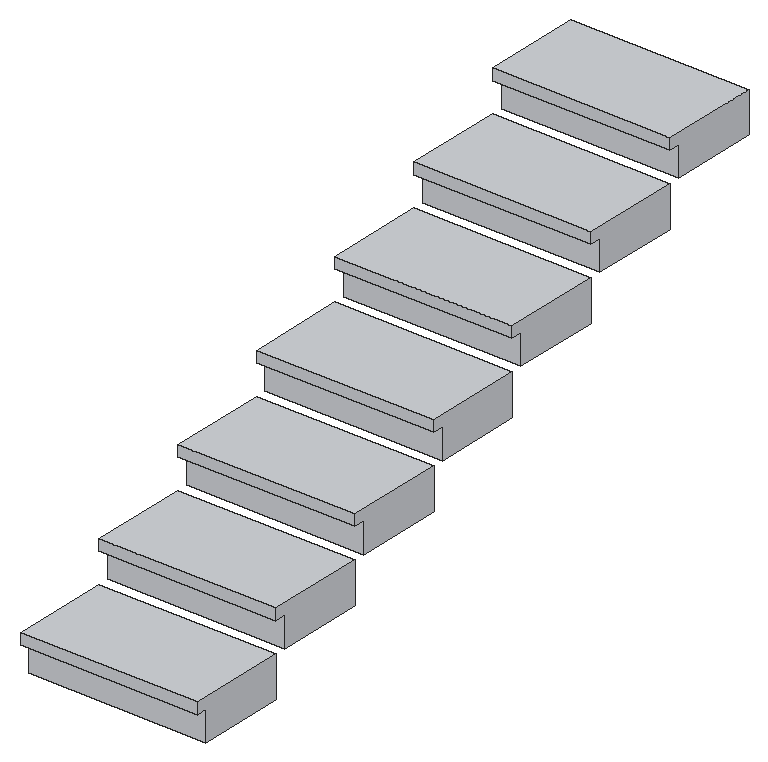
Revit family
Parameters
  xlam = none
  Pedata = 630 mm - Alzata  # 444.362 mm
  Numero = (Altezza interpiano / Alzata approssimata) - 1  # 7
  Lunghezza Coperta = Numero * Pedata  # 3110.537 mm
  Larghezza = 800 mm
  Bastone = 50 mm
  Alzata approssimata = 180 mm
  Alzata = Altezza interpiano / (Numero + 1)  # 185.637 mm
  Altezza interpiano = 1485.1 mm
  Altezza effettiva = Altezza interpiano - Alzata  # 1299.462 mm
Reference planes
  plane 1 "Center (Front/Back)": y = 0
  plane 2: z = 0
  plane 3 "Center (Left/Right)": x = 0
  plane 4: z = 1485.1
  plane 5: z = 1299.463
  plane 6: y = 3110.537
Dimensions and locks
  "Altezza interpiano": plane 4 to plane 2
  equal spacing: group 1, group 3, group 4, group 5, group 6, group 7, group 2  (x3)
  "Lunghezza Coperta": plane 6 to plane 1 "Center (Front/Back)"
  aligned and locked: plane 3 "Center (Left/Right)" to nested 1
  aligned and locked: nested 1 to plane 1 "Center (Front/Back)"
  aligned: nested 2 to plane 1 "Center (Front/Back)"
  aligned and locked: plane 5 to nested 2
  aligned and locked: nested 2 to plane 6
Nested families
  nested 1: "gradino" at (0, 222.181, 0), type "gradino"
    with pedata 444.362 mm, aux_bastone 135.637 mm, alzata 185.637 mm
  nested 2: "gradino" at (0, 2888.356, 1114.25), type "gradino"
    with pedata 444.362 mm, aux_bastone 135.637 mm, alzata 185.637 mm
  nested 3: "gradino" at (0, 666.544, 185.708), type "gradino"
    with pedata 444.362 mm, aux_bastone 135.637 mm, alzata 185.637 mm
  nested 4: "gradino" at (0, 1110.906, 371.417), type "gradino"
    with pedata 444.362 mm, aux_bastone 135.637 mm, alzata 185.637 mm
  nested 5: "gradino" at (0, 1555.269, 557.125), type "gradino"
    with pedata 444.362 mm, aux_bastone 135.637 mm, alzata 185.637 mm
  nested 6: "gradino" at (0, 1999.631, 742.833), type "gradino"
    with pedata 444.362 mm, aux_bastone 135.637 mm, alzata 185.637 mm
  nested 7: "gradino" at (0, 2443.994, 928.542), type "gradino"
    with pedata 444.362 mm, aux_bastone 135.637 mm, alzata 185.637 mm
Definition of nested family "gradino"
  Parameters (values of type "Gradino")
    xlam = none
    pedata = if(Pianerottolo, larghezza pianerottolo, 630 mm - alzata)  # 480 mm
    larghezza pianerottolo = 1200 mm
    larghezza = 800 mm
    bastone = 50 mm
    aux_bastone = alzata - bastone  # 100 mm
    alzata = 150 mm
    Pianerottolo = no
  Types (3, lengths in mm): name | pedata | larghezza pianerottolo | Pianerottolo
    (no name) | 480 | 1200 | no
    Pianerottolo | 0 | 0 | yes
    Gradino | 480 | 1200 | no
  Reference planes
    plane 1 "Center (Front/Back)": y = 0
    plane 2: z = -0.425
    plane 3 "Center (Left/Right)": x = 0
    plane 4: y = 240
    plane 5: y = -240
    plane 6: z = 149.575
    plane 7: z = 99.575
    plane 8: x = -800
    plane 9: y = -190
    plane 10: z = 100
  Forms (mm)
    Extrusion 1, solid, material <- "xlam"
      sketch origin (-800, 536.861, 1200) x (0, 1, 0) y (0, 0, 1)
        loop
          line (-296.861, -1050.425) -> (-776.861, -1050.425) -> (-776.861, -1200.425) -> (-296.861, -1200.425) -> (-296.861, -1050.425)
      from 0 to 800
    Extrusion 2, void
      sketch origin (0, 0, 0) x (0, 1, 0) y (0, 0, 1)
        loop
          line (-190, 100) -> (-240, 100) -> (-240, -0.425) -> (-190, -0.425) -> (-190, 100)
      from 0 to -800
  Cuts and joins
    Extrusion 2 cuts Extrusion 1
  Dimensions and locks
    "alzata": plane 6 to plane 2
    "bastone": plane 6 to plane 7
    equal spacing: plane 4, plane 1 "Center (Front/Back)", plane 5
    "pedata": plane 4 to plane 5
    "larghezza": plane 8 to plane 3 "Center (Left/Right)"
    "aux_bastone": plane 10 to level
    "bastone": plane 9 to plane 5
    aligned and locked: plane 3 "Center (Left/Right)" to Extrusion 1
  Automatic sketch dimensions
    Extrusion 1 sketch curve to plane 5 = 0 mm
    Extrusion 1 sketch curve to plane 2 = 0 mm
    Extrusion 1 sketch curve to plane 4 = 0 mm
    Extrusion 1 sketch curve to plane 6 = 0 mm
    Extrusion 2 sketch curve to plane 5 = 0 mm
    Extrusion 2 sketch curve to plane 2 = 0 mm
    Extrusion 2 sketch curve to plane 9 = 0 mm
    Extrusion 2 sketch curve to plane 10 = 0 mm
